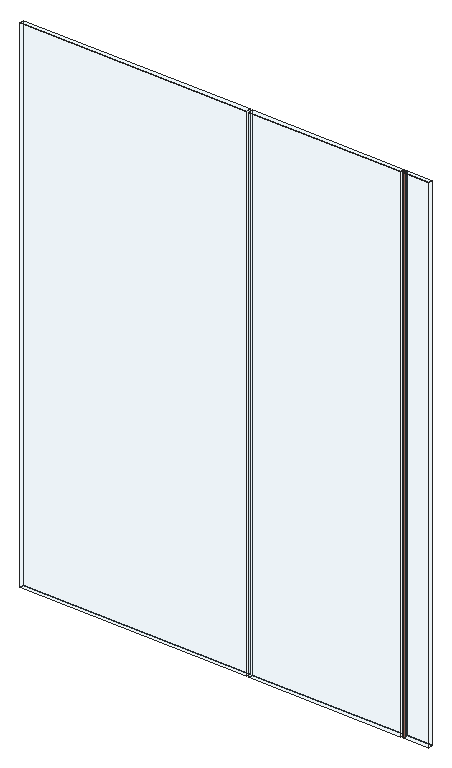
Revit family
Parameters (values of type "샤워부스-유리칸막이")
  폭 = 1615 mm
  작은유리폭 [instance] = 100 mm
  문 폭 [instance] = 600 mm
  높이 = 2000 mm
  깊이 = 20 mm
  Assembly Code = ""
Reference planes
  plane 1 "Center (Front/Back)": y = 0
  plane 2: z = 0
  plane 3 "Center (Left/Right)": x = 0
  plane 4 "left": x = -807.5
  plane 5 "right": x = 807.5
  plane 6 "front": y = -10
  plane 7 "back": y = 10
  plane 8 "top": z = 2000
Forms (mm)
  Extrusion 1, solid, material "유리"
    sketch origin (0, 0, 0) x (1, 0, 0) y (0, 1, 0)
      loop
        line (-807.5, 10) -> (-807.5, -10) -> (87.5, -10) -> (87.5, 10) -> (-807.5, 10)
      loop
        line (807.5, 10) -> (707.5, 10) -> (707.5, -10) -> (807.5, -10) -> (807.5, 10)
      loop
        line (97.5, 10) -> (97.5, -10) -> (697.5, -10) -> (697.5, 10) -> (97.5, 10)
    from 0 to 2000
  Extrusion 2, solid, material "힌지"
    sketch origin (0, 0, 0) x (1, 0, 0) y (0, 1, 0)
      loop
        circle (702.5, 0) r 5
    from 0 to 2000
Lines and regions (mm)
  symbolic lines
    curve 1: line (-807.5, 10, 0) -> (807.5, 10, 0)
    curve 2: line (-807.5, -10, 0) -> (-807.5, 10, 0)
    curve 3: line (807.5, -10, 0) -> (-807.5, -10, 0)
    curve 4: line (807.5, 10, 0) -> (807.5, -10, 0)
    curve 6: line (137.352, 205.021, 0) -> (144.519, 223.692, 0)
  symbolic lines, style "FurnitureHiddenLines"
    curve 5: line (144.519, 223.692, 0) -> (704.667, 8.672, 0)
    curve 7: line (697.5, -10, 0) -> (137.352, 205.021, 0)
    curve 8: line (704.667, 8.672, 0) -> (697.5, -10, 0)
    curve 9: arc (97.5, -10, 0) -> (107.547, 99.341, 0) -> (137.352, 205.021, 0) r 600
Dimensions and locks
  "깊이": plane 6 "front" to plane 7 "back"
  equal spacing: plane 6 "front", plane 1 "Center (Front/Back)", plane 7 "back"
  "높이": plane 8 "top" to level
  "폭": plane 4 "left" to plane 5 "right"
  equal spacing: plane 4 "left", plane 3 "Center (Left/Right)", plane 5 "right"
  Extrusion 1 to Extrusion 1 = 895 mm
  "문 폭": Extrusion 1 to Extrusion 1
  "작은유리폭": Extrusion 1 to Extrusion 1
  locked: Extrusion 1 to Extrusion 1 at 10  (x3)
  locked: Extrusion 1 to Extrusion 2 sketch curve
  aligned and locked: plane 4 "left" to Extrusion 1 sketch curve
  aligned and locked: plane 7 "back" to Extrusion 1 sketch curve
  aligned and locked: plane 6 "front" to Extrusion 1 sketch curve
  aligned and locked: Extrusion 1 to level
  aligned and locked: plane 8 "top" to Extrusion 1
  aligned and locked: Extrusion 1 to plane 4 "left"
  aligned and locked: plane 5 "right" to Extrusion 1
  aligned and locked: Extrusion 2 to level
  aligned and locked: plane 8 "top" to Extrusion 2
  aligned and locked: curve 1 to Extrusion 1  (x2)
  aligned and locked: Extrusion 1 to curve 4
  aligned and locked: curve 4 to Extrusion 1
Automatic sketch dimensions
  Extrusion 1 sketch curve to plane 6 "front" = 0 mm  (x2)
  Extrusion 1 sketch curve to plane 7 "back" = 0 mm  (x2)
  Extrusion 1 sketch curve to plane 5 "right" = 720 mm
  Extrusion 1 sketch curve to Extrusion 1 sketch curve = 10 mm  (x2)
  Extrusion 1 sketch curve to plane 5 "right" = 110 mm
  Extrusion 1 sketch curve to plane 5 "right" = 0 mm
  Extrusion 2 sketch curve to plane 1 "Center (Front/Back)" = 0 mm
  curve 9 to curve 7 = 39.852 mm
  curve 6 to plane 7 "back" = 213.692 mm
  curve 6 to curve 6 = 7.167 mm
  curve 8 to plane 5 "right" = 110 mm
  curve 9 to curve 7 = 0 mm
  radius of Extrusion 2 sketch curve = 5 mm
